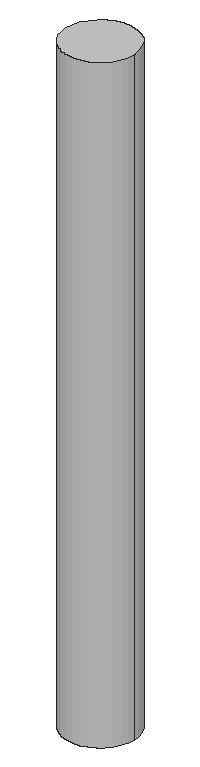
Revit family "Concrete-Round-Column", category 구조 기둥, Revit 2026
Family settings
  숨겨진 뷰로 표시 = 다른 부재에 가려진 모서리
  단면 모양 = 정의되지 않음
  모델 동작 재료 = 콘크리트
  항상 형상으로 내보내기 = 아니오
  평면의 보 전환 = 형상에서
  로드될 때 보이드를 사용하여 절단 = 아니오
  기호 표현 = 패밀리에서
  공유 = 아니오
  평면도에서 미리 절단된 패밀리 표시 = 예
Parameters (values of type "12"")
  조합 코드 = "B10"
  Structural Material [instance] = Concrete - Cast-in-Place Concrete
  b = 1' - 0"
Types (5): name | b
  (no name) | 1' - 0"
  12" | 1' - 0"
  18" | 1' - 6"
  24" | 2' - 0"
  30" | 2' - 6"
Reference planes (in)
  plane 1 "Center (Front/Back)": y = 0
  plane 2: z = 0
  plane 3 "Center (Left/Right)": x = 0
  plane 4: x = -6
  plane 5: x = 6
  plane 6: y = 6
  plane 7: y = -6
Forms (in)
  Extrusion 1, solid, material "Concrete - Cast-in-Place Concrete" <- "Structural Material"
    sketch origin (0, 0, 0) x (1, 0, 0) y (0, 1, 0)
      loop
        circle (0, 0) r 6
    from 0 to 108
Dimensions and locks (in)
  equal spacing: plane 4, plane 3 "Center (Left/Right)", plane 5
  equal spacing: plane 7, plane 1 "Center (Front/Back)", plane 6
  "b": plane 7 to plane 6
  "b": plane 4 to plane 5
  aligned and locked: level to Extrusion 1
  aligned and locked: level to plane 2
  aligned and locked: Extrusion 1 to plane 2
Automatic sketch dimensions
  Extrusion 1 sketch curve to plane 1 "Center (Front/Back)" = 0' - 0"
  Extrusion 1 sketch curve to plane 4 = 0' - 0"
  Extrusion 1 sketch curve to plane 3 "Center (Left/Right)" = 0' - 0"
